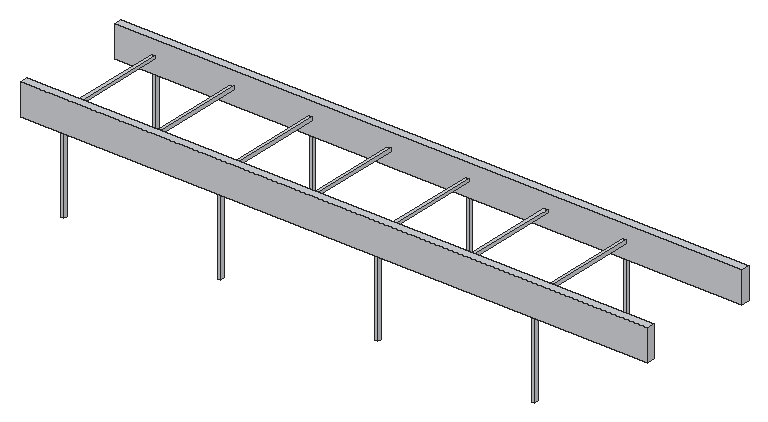
Revit family "Chapter 03 Ladder", category Entourage, Revit 2013
Parameters (values of type "400Wide")
  Width = 400 mm
  SupportSpacing = 500 mm
  SupportArrayNumber [instance] = if(SupportArrayNum < 2, 2, SupportArrayNum)  # 4
  SupportArrayNum [instance] = ([built-in parameter 1001306] - (FirstRung * 2) - EndExtension) / SupportSpacing  # 4
  SingleRung [instance] = ArrayNum < 2  # no
  Short [instance] = SupportArrayNum < 2  # no
  RungWidth = Width - (RailWidth * 2)  # 350 mm
  RungSpacing = 250 mm
  RungOffset = 50 mm
  RailWidth = 25 mm
  MultiRung [instance] = ArrayNum > 1  # yes
  Long [instance] = SupportArrayNum > 1  # yes
  built-in parameter 1001306 [instance] = 2000 mm
  LadderThickness = 100 mm
  LadderOffset [instance] = 250 mm
  Height = 0 mm
  FirstRung = 125 mm
  EndExtension [instance] = 0 mm
  ArrayNum [instance] = ([built-in parameter 1001306] - (FirstRung * 2) - EndExtension) / RungSpacing  # 7
  ArrayNumber [instance] = if(ArrayNum < 2, 2, ArrayNum)  # 7
Reference planes
  plane 1 "Center (Front/Back)": y = 0
  plane 2: z = 0
  plane 3 "Bottom": x = 0
  plane 4 "Top": x = 2000
  plane 5: y = 175
  plane 6: y = -175
  plane 7 "Right": y = -200
  plane 8 "Left": y = 200
  plane 9: z = 250
  plane 10: z = 350
  plane 11 "Rung": z = 300
  plane 12: x = 125
  plane 13: x = 375
  plane 14: y = 187.5
  plane 15: y = -187.5
  plane 16: x = 625
  plane 17: x = 1875
Forms (mm)
  Sweep 1, solid
    path in 3D
      loop
        line (0, 0, 0) -> (2000, 0, 0)
    profile origin (1000, 0, 0) x (0, 1, 0) y (0, 0, 1)
      loop
        line (-200, 350) -> (-200, 250) -> (-175, 250) -> (-175, 350) -> (-200, 350)
      loop
        line (200, 350) -> (175, 350) -> (175, 250) -> (200, 250) -> (200, 350)
Lines and regions (mm)
  reference lines
    curve 1: line (0, 0, 0) -> (2000, 0, 0)
  sketch lines
    curve 2: line (0, 0, 0) -> (2000, 0, 0)
Dimensions and locks
  "built-in parameter 1001306": plane 3 "Bottom" to plane 4 "Top"
  "RailWidth": plane 5 to plane 8 "Left"
  "RailWidth": plane 7 "Right" to plane 6
  equal spacing: plane 7 "Right", plane 1 "Center (Front/Back)", plane 8 "Left"
  "Width": plane 7 "Right" to plane 8 "Left"
  "LadderOffset": plane 9 to level
  "LadderThickness": plane 9 to plane 10
  "RungOffset": plane 9 to plane 11 "Rung"
  "FirstRung": plane 3 "Bottom" to plane 12
  "RungSpacing": plane 12 to plane 13
  equal spacing: group 1, group 2, group 3, group 4, group 5, group 6, group 7  (x3)
  equal spacing: plane 7 "Right", plane 15, plane 6
  equal spacing: plane 5, plane 14, plane 8 "Left"
  "SupportSpacing": plane 12 to plane 16
  "FirstRung": plane 17 to plane 4 "Top"
  equal spacing: group 8, group 9, group 10, group 11  (x3)
  equal spacing: group 12, group 13, group 14, group 15  (x3)
  aligned and locked: plane 4 "Top" to curve 1
  aligned and locked: plane 1 "Center (Front/Back)" to curve 1
  aligned and locked: plane 3 "Bottom" to curve 1
  aligned and locked: level to plane 2
  aligned and locked: plane 8 "Left" to Sweep 1 sketch curve
  aligned and locked: plane 5 to Sweep 1 sketch curve
  aligned and locked: plane 9 to Sweep 1 sketch curve
  aligned and locked: plane 6 to Sweep 1 sketch curve
  aligned and locked: plane 7 "Right" to Sweep 1 sketch curve
  aligned and locked: Sweep 1 sketch curve to plane 10  (x2)
  aligned and locked: Sweep 1 sketch curve to plane 9
  aligned and locked: nested 1 to plane 11 "Rung"
  aligned and locked: nested 1 to plane 12
  aligned and locked: plane 1 "Center (Front/Back)" to nested 1
  aligned and locked: nested 2 to plane 12
  aligned and locked: plane 1 "Center (Front/Back)" to nested 2
  aligned and locked: nested 3 to plane 13
  aligned and locked: plane 12 to nested 4
  aligned and locked: plane 12 to nested 5
  aligned and locked: nested 2 to plane 11 "Rung"
  aligned and locked: nested 3 to plane 11 "Rung"
  aligned and locked: plane 15 to nested 4  (x2)
  aligned and locked: plane 14 to nested 5
  aligned and locked: nested 11 to plane 17
  aligned and locked: plane 17 to nested 13
  aligned and locked: plane 17 to nested 12
  aligned and locked: plane 15 to nested 12
  aligned and locked: plane 14 to nested 13
  aligned and locked: nested 11 to plane 11 "Rung"
  aligned and locked: nested 5 to plane 14
  aligned and locked: plane 16 to nested 16
  aligned and locked: plane 14 to nested 16
  aligned and locked: plane 12 to nested 14
  aligned and locked: plane 14 to nested 15
  aligned and locked: plane 12 to nested 15
  aligned and locked: plane 15 to nested 14
  aligned and locked: plane 15 to nested 19
  aligned and locked: plane 16 to nested 19
Nested families
  nested 1: "Rung" at (125, 0, 300) x (0, -1, 0) z (0, 0, 1), visible <- "SingleRung", type "Std"
  nested 2: "Rung" at (125, 0, 300) x (0, -1, 0) z (0, 0, 1), visible <- "MultiRung", type "Std"
  nested 3: "Rung" at (375, 0, 300) x (0, -1, 0) z (0, 0, 1), visible <- "MultiRung", type "Std"
  nested 4: "Support" at (125, -182.5, 0), visible <- "Short", type "Std", detail levels fine
    with Height 250 mm
  nested 5: "Support" at (125, 182.5, 0), visible <- "Short", type "Std", detail levels fine
    with Height 250 mm
  nested 6: "Rung" at (625, 0, 300) x (0, -1, 0) z (0, 0, 1), visible <- "MultiRung", type "Std"
  nested 7: "Rung" at (875, 0, 300) x (0, -1, 0) z (0, 0, 1), visible <- "MultiRung", type "Std"
  nested 8: "Rung" at (1125, 0, 300) x (0, -1, 0) z (0, 0, 1), visible <- "MultiRung", type "Std"
  nested 9: "Rung" at (1375, 0, 300) x (0, -1, 0) z (0, 0, 1), visible <- "MultiRung", type "Std"
  nested 10: "Rung" at (1625, 0, 300) x (0, -1, 0) z (0, 0, 1), visible <- "MultiRung", type "Std"
  nested 11: "Rung" at (1875, 0, 300) x (0, -1, 0) z (0, 0, 1), visible <- "SingleRung", type "Std"
  nested 12: "Support" at (1875, -182.5, 0), visible <- "Short", type "Std", detail levels fine
    with Height 250 mm
  nested 13: "Support" at (1875, 182.5, 0), visible <- "Short", type "Std", detail levels fine
    with Height 250 mm
  nested 14: "Support" at (125, -182.5, 0), visible <- "Long", type "Std", detail levels fine
    with Height 250 mm
  nested 15: "Support" at (125, 182.5, 0), visible <- "Long", type "Std", detail levels fine
    with Height 250 mm
  nested 16: "Support" at (625, 182.5, 0), visible <- "Long", type "Std", detail levels fine
    with Height 250 mm
  nested 17: "Support" at (1125, 182.5, 0), visible <- "Long", type "Std", detail levels fine
    with Height 250 mm
  nested 18: "Support" at (1625, 182.5, 0), visible <- "Long", type "Std", detail levels fine
    with Height 250 mm
  nested 19: "Support" at (625, -182.5, 0), visible <- "Long", type "Std", detail levels fine
    with Height 250 mm
  nested 20: "Support" at (1125, -182.5, 0), visible <- "Long", type "Std", detail levels fine
    with Height 250 mm
  nested 21: "Support" at (1625, -182.5, 0), visible <- "Long", type "Std", detail levels fine
    with Height 250 mm
Definition of nested family "Rung"
  Parameters (values of type "Std")
    Length = 350 mm
    Height = 10 mm
    Depth = 10 mm
  Reference planes
    plane 1 "Center (Front/Back)": y = 0
    plane 2: z = 0
    plane 3 "Center (Left/Right)": x = 0
    plane 4 "Left": x = -175
    plane 5 "Right": x = 175
    plane 6 "Back": y = 5
    plane 7 "Front": y = -5
    plane 8: z = 10
    plane 9: y = 5
    plane 10: y = -5
    plane 11: z = 5
    plane 12: z = -5
  Forms (mm)
    Sweep 1, solid
      path origin (0, 0, 0) x (1, 0, 0) y (0, 1, 0)
        loop
          line (175, 0) -> (-175, 0)
      profile origin (0, 0, 0) x (0, -1, 0) y (0, 0, 1)
        loop
          line (-5, -5) -> (5, -5) -> (5, 5) -> (-5, 5) -> (-5, -5)
  Dimensions and locks
    equal spacing: plane 4 "Left", plane 3 "Center (Left/Right)", plane 5 "Right"
    equal spacing: plane 7 "Front", plane 1 "Center (Front/Back)", plane 6 "Back"
    "Depth": plane 7 "Front" to plane 6 "Back"
    "Length": plane 4 "Left" to plane 5 "Right"
    "Height": plane 8 to plane 2
    equal spacing: plane 9, profile plane, plane 10
    equal spacing: plane 11, profile plane, plane 12
    aligned and locked: level to plane 2
    aligned and locked: Sweep 1 sketch curve to plane 1 "Center (Front/Back)"
    aligned and locked: plane 4 "Left" to Sweep 1 sketch curve
    aligned and locked: plane 5 "Right" to Sweep 1 sketch curve
    aligned and locked: plane 12 to Sweep 1 sketch curve
    aligned and locked: Sweep 1 sketch curve to plane 9
    aligned and locked: Sweep 1 sketch curve to plane 11
    aligned and locked: plane 10 to Sweep 1 sketch curve
Definition of nested family "Support"
  Parameters (values of type "Std")
    Length = 10 mm
    Height = 50 mm
    Depth = 10 mm
  Reference planes
    plane 1 "Center (Front/Back)": y = 0
    plane 2: z = 0
    plane 3 "Center (Left/Right)": x = 0
    plane 4 "Left": x = -5
    plane 5 "Right": x = 5
    plane 6 "Back": y = 5
    plane 7 "Front": y = -5
    plane 8: z = 50
    plane 9: y = 5
    plane 10: y = -5
    plane 11: z = 5
    plane 12: z = -5
  Forms (mm)
    Sweep 1, solid
      path origin (0, 0, 0) x (1, 0, 0) y (0, 1, 0)
        loop
          line (5, 0) -> (-5, 0)
      profile origin (0, 0, 0) x (0, -1, 0) y (0, 0, 1)
        loop
          line (-5, 0) -> (5, 0) -> (5, 50) -> (-5, 50) -> (-5, 0)
  Dimensions and locks
    equal spacing: plane 4 "Left", plane 3 "Center (Left/Right)", plane 5 "Right"
    equal spacing: plane 7 "Front", plane 1 "Center (Front/Back)", plane 6 "Back"
    "Depth": plane 7 "Front" to plane 6 "Back"
    "Length": plane 4 "Left" to plane 5 "Right"
    "Height": plane 8 to plane 2
    equal spacing: plane 9, profile plane, plane 10
    aligned and locked: level to plane 2
    aligned and locked: Sweep 1 sketch curve to plane 1 "Center (Front/Back)"
    aligned and locked: plane 4 "Left" to Sweep 1 sketch curve
    aligned and locked: plane 5 "Right" to Sweep 1 sketch curve
    aligned and locked: Sweep 1 sketch curve to plane 9
    aligned and locked: plane 10 to Sweep 1 sketch curve
    aligned and locked: Sweep 1 sketch curve to plane 8
    aligned and locked: Sweep 1 sketch curve to profile plane
